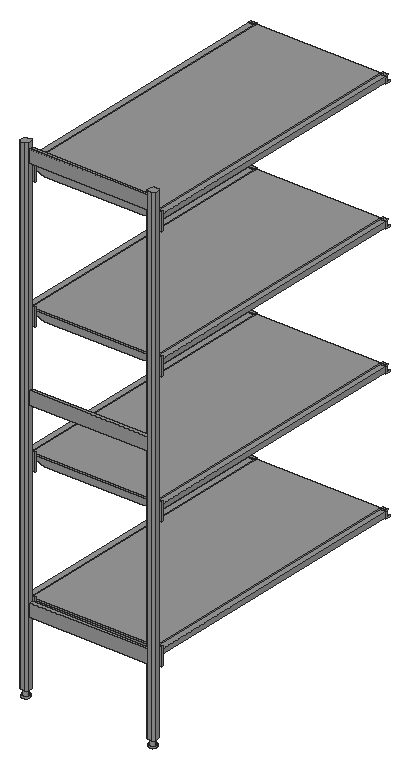
Revit family "QF_ZANUSSI_137073_CLS1006", category Attrezzature speciali, Revit 2020
Family settings
  Quota connettore circolare = Usa diametro
  Tipo di parte = Normale
  Basato su piano di lavoro = No
  Sempre verticale = Sì
  Taglio con vuoti quando caricato = No
  Condiviso = No
  Punto di calcolo locali = No
Parameters (values of type "Standard")
  Weight = 17.00 kg
  Watts = 0 W
  Volts = 0 V
  URL Manufacturer = "http://www.zanussiprofessional.com"
  URL = "http://www.zanussiprofessional.com"
  Steam Supply Size = 0 mm
  Steam Supply Minimum Pressure = 0.0 Pa
  Steam Supply Maximum Pressure = 0.0 Pa
  Steam Consumption per Hour = 0
  Refrigeration Suction Line Size = 0.0 mm
  Refrigeration Liquid Line Size = 0.0 mm
  Refrigerant Compressor Remote = yes
  Prospetto di default = 0.0 mm
  Phase = 0
  Modello = "CLS1006"
  Produttore = "Zanussi"
  Length Actual = 1010.0 mm  # constant formula
  Item Number = "137073"
  Hot Water Size = 0 mm
  Height Actual = 1700.0 mm  # constant formula
  HP = "0 HP"
  Gas Size = 0 mm
  Gas KW = 0
  Gas Input Pressure = 0 W
  Direct Waste Size = 0 mm
  Descrizione = "ALUM.CORNER SHELV.-POLY.TIERS-475X1010MM"
  Depth Actual = 475.0 mm  # constant formula
  Cycle = 0 Hz
  Condensate Return Size = 0 mm
  Compressed Air Volume = 0.0 L/s
  Compressed Air Size = 0 mm
  Compressed Air Pressure = 0.0 Pa
  Cold Water Size = 0 mm
  Accessory = yes
Reference planes
  plane 1: z = 0
  plane 2 "Center (F/B)": y = -163.5
  plane 3 "Front": y = -549.5
  plane 4 "Left": x = -217.5
  plane 5 "Right": x = 257.5
  plane 6 "TOP": z = 1700
  plane 7: y = -517.5
  plane 8: y = 456.5
  plane 9 "Center (Left/Right)": x = 20
  plane 10: y = 451.5
  plane 11: x = -186
  plane 12: x = 226
  plane 13 "FEET": z = 25
  plane 14: z = 275
  plane 15: z = 725
  plane 16: z = 1175
  plane 17: z = 1625
  plane 18 "CXLeft": y = -535.5
  plane 19: x = -200
  plane 20 "CYBack": x = -200
  plane 21 "CYFront": x = 138
  plane 22 "Back": y = 460.5
  plane 23 "LEFT_ORIGIN": x = -251.5
  plane 24 "BACK_Origin": y = 935.5
Forms (mm)
  Extrusion 1, solid, material "QF_Aluminum"
    sketch origin (0, -549.5, 0) x (-1, 0, 0) y (0, 0, 1)
      loop
        line (198.5, 1650.994) -> (198.5, 1632.998) -> (217.5, 1632.998) -> (217.5, 1650.994) -> (198.5, 1650.994)
      loop
        line (-238.5, 1650.994) -> (-257.5, 1650.994) -> (-257.5, 1632.998) -> (-238.5, 1632.998) -> (-238.5, 1650.994)
      loop
        line (198.5, 1200.994) -> (198.5, 1182.998) -> (217.5, 1182.998) -> (217.5, 1200.994) -> (198.5, 1200.994)
      loop
        line (-238.522, 1200.994) -> (-257.5, 1200.994) -> (-257.5, 1182.998) -> (-238.522, 1182.998) -> (-238.522, 1200.994)
      loop
        line (198.5, 750.994) -> (198.5, 732.998) -> (217.5, 732.998) -> (217.5, 750.994) -> (198.5, 750.994)
      loop
        line (-238.522, 750.994) -> (-257.5, 750.994) -> (-257.5, 732.998) -> (-238.522, 732.998) -> (-238.522, 750.994)
      loop
        line (198.5, 300.994) -> (198.5, 282.998) -> (217.5, 282.998) -> (217.5, 300.994) -> (198.5, 300.994)
      loop
        line (-238.522, 300.994) -> (-257.5, 300.994) -> (-257.5, 282.998) -> (-238.522, 282.998) -> (-238.522, 300.994)
    from 32 to 1006
  Extrusion 2, solid, material "QF_Polyethylene"
    sketch origin (0, -549.5, 0) x (-1, 0, 0) y (0, 0, 1)
      loop
        line (196.507, 1650.994) -> (-236.522, 1650.994) -> (-236.522, 1644.496) -> (196.507, 1644.496) -> (196.507, 1650.994)
      loop
        line (196.507, 1200.994) -> (-236.522, 1200.994) -> (-236.522, 1194.496) -> (196.507, 1194.496) -> (196.507, 1200.994)
      loop
        line (196.507, 750.994) -> (-236.522, 750.994) -> (-236.522, 744.496) -> (196.507, 744.496) -> (196.507, 750.994)
      loop
        line (196.507, 300.994) -> (-236.522, 300.994) -> (-236.522, 294.496) -> (196.507, 294.496) -> (196.507, 300.994)
    from 32 to 1006
Lines and regions (mm)
  symbolic lines
    curve 1: line (-198.5, 456.5, 1700) -> (-198.5, -517.5, 1700)
    curve 2: line (-217.5, -521.5, 1700) -> (-217.5, 456.5, 1700)
    curve 3: line (257.5, -521.5, 1700) -> (257.5, 456.5, 1700)
    curve 4: line (-181.507, -517.5, 1700) -> (221.507, -517.5, 1700)
    curve 5: line (238.522, -517.5, 1700) -> (238.522, 456.5, 1700)
    curve 6: line (-198.5, 456.5, 1700) -> (238.522, 456.5, 1700)
Dimensions and locks
  plane 3 "Front" to plane 2 "Center (F/B)" = 386.0 mm
  locked: plane 6 "TOP" to level at 1700
  locked: plane 4 "Left" to plane 5 "Right" at 475
  locked: plane 7 to plane 8 at 974
  locked: plane 3 "Front" to plane 7 at 32
  plane 10 to plane 8 = 5.0 mm
  locked: plane 11 to plane 12 at 412
  equal spacing: plane 11, plane 9 "Center (Left/Right)", plane 12
  equal spacing: plane 4 "Left", plane 9 "Center (Left/Right)", plane 5 "Right"
  plane 13 "FEET" to level = 25.0 mm
  plane 6 "TOP" to plane 13 "FEET" = 1675.0 mm
  plane 14 to plane 13 "FEET" = 250.0 mm
  plane 15 to plane 14 = 450.0 mm
  plane 16 to plane 15 = 450.0 mm
  plane 17 to plane 16 = 450.0 mm
  locked: plane 3 "Front" to plane 18 "CXLeft" at 14
  locked: plane 3 "Front" to plane 22 "Back" at 1010
  plane 23 "LEFT_ORIGIN" to plane 5 "Right" = 509.0 mm
  locked: plane 22 "Back" to plane 24 "BACK_Origin" at 475
  aligned and locked: level to plane 1
  aligned and locked: Extrusion 2 to plane 7
  aligned and locked: plane 8 to Extrusion 2
  aligned and locked: Extrusion 1 to plane 7
  aligned and locked: plane 8 to Extrusion 1
  aligned and locked: Extrusion 1 sketch curve to Extrusion 1 sketch curve  (x2)
  aligned and locked: plane 18 "CXLeft" to nested 1
  aligned and locked: nested 2 to plane 10
Automatic sketch dimensions
  curve 2 to plane 4 "Left" = 0.0 mm
  curve 3 to plane 5 "Right" = 0.0 mm
  plane 7 to curve 1 = 0.0 mm
  plane 7 to curve 4 = 0.0 mm
  plane 7 to curve 5 = 0.0 mm
  plane 8 to curve 2 = 0.0 mm
  plane 8 to curve 1 = 0.0 mm
  plane 8 to curve 3 = 0.0 mm
  curve 5 to plane 21 "CYFront" = 100.522 mm
  plane 19 to curve 6 = 1.5 mm
  plane 7 to curve 3 = 4.0 mm
  plane 7 to curve 2 = 4.0 mm
  plane 12 to curve 4 = 4.493 mm
  curve 4 to plane 11 = 4.493 mm
  plane 5 "Right" to Extrusion 1 sketch curve = 0.0 mm  (x4)
  plane 4 "Left" to Extrusion 1 sketch curve = 0.0 mm  (x4)
  Extrusion 1 sketch curve to plane 21 "CYFront" = 100.522 mm
  Extrusion 1 sketch curve to plane 21 "CYFront" = 100.5 mm
  plane 19 to Extrusion 1 sketch curve = 1.5 mm  (x4)
  plane 14 to Extrusion 1 sketch curve = 7.998 mm  (x2)
  Extrusion 1 sketch curve to Extrusion 1 sketch curve = 17.997 mm  (x8)
  plane 15 to Extrusion 1 sketch curve = 7.998 mm  (x2)
  plane 16 to Extrusion 1 sketch curve = 7.998 mm  (x2)
  plane 17 to Extrusion 1 sketch curve = 7.998 mm  (x2)
  Extrusion 2 sketch curve to plane 21 "CYFront" = 98.522 mm  (x4)
  plane 19 to Extrusion 2 sketch curve = 3.493 mm  (x4)
  plane 14 to Extrusion 2 sketch curve = 19.496 mm
  Extrusion 2 sketch curve to Extrusion 2 sketch curve = 6.499 mm  (x4)
  plane 15 to Extrusion 2 sketch curve = 19.496 mm
  plane 16 to Extrusion 2 sketch curve = 19.496 mm
  plane 17 to Extrusion 2 sketch curve = 19.496 mm
Nested families
  nested 1: "WT_Anta475" at (-194.5, -132.5, 0) x (0, 1, 0) z (0, 0, 1), type "WT_Anta475"
  nested 2: "WT_Aggancio475" at (-194.5, 868.5, 0) x (0, 1, 0) z (0, 0, 1), type "WT_Aggancio475"
Definition of nested family "WT_Anta475"
  Parameters
    WidthLeft = A + 64.0 mm  # 772.0 mm
    Width = 1606.0 mm
    Right = WidthLeft / 2  # 386.0 mm
    Default Elevation = 0.0 mm
    Left = -WidthLeft / 2  # -386.0 mm
    Height = 1725.0 mm
    FEET = 25.0 mm
    E = 0.0 mm
    Dint = Depth - 63.0 mm  # 412.0 mm
    Dext = Depth - 8.0 mm  # 467.0 mm
    Depth = 475.0 mm
    DX = (WidthLeft - A) / 2  # 32.0 mm
    B = 798.0 mm
    A = 708.0 mm
  Reference planes
    plane 1: z = 0
    plane 2 "LEFT": x = -417
    plane 3 "BACK": y = 23
    plane 4 "FRONT": y = -452
    plane 5 "TOP": z = 1725
    plane 6 "Center (Front/Back)": y = -214.5
    plane 7: y = -8.5
    plane 8: y = -420.5
    plane 9 "FEET": z = 25
    plane 10: z = 275
    plane 11: z = 725
    plane 12: z = 1175
    plane 13: z = 1625
    plane 14 "CXLeft": x = -403
    plane 15: y = 5.5
    plane 16 "CYBack": y = 5.5
    plane 17 "CYFront": y = -434.5
    plane 18: x = -385.031
    plane 19: x = -380.031
  Forms (mm)
    Extrusion 1, solid
      sketch origin (0, 0, 0) x (1, 0, 0) y (0, 1, 0)
        loop
          line (-417, 13.246) -> (-417, -2.246) -> (-410.746, -8.5) -> (-395.254, -8.5) -> (-389, -2.246) -> (-389, 13.246) -> (-395.254, 19.5) -> (-410.746, 19.5) -> (-417, 13.246)
      from 1725 to 25
    Extrusion 2, solid
      sketch origin (-417, 0, 0) x (0, 1, 0) y (0, 0, 1)
        loop
          line (23, 246.005) -> (23, 307.993) -> (-12.993, 307.993) -> (-12.993, 246.005) -> (23, 246.005)
        loop
          line (-452, 246.005) -> (-416.007, 246.005) -> (-416.007, 307.993) -> (-452, 307.993) -> (-452, 246.005)
        loop
          line (23, 696.005) -> (23, 757.993) -> (-12.993, 757.993) -> (-12.993, 696.005) -> (23, 696.005)
        loop
          line (-452, 696.005) -> (-416.007, 696.005) -> (-416.007, 757.993) -> (-452, 757.993) -> (-452, 696.005)
        loop
          line (23, 1146.005) -> (23, 1207.993) -> (-12.993, 1207.993) -> (-12.993, 1146.005) -> (23, 1146.005)
        loop
          line (-452, 1146.005) -> (-416.007, 1146.005) -> (-416.007, 1207.993) -> (-452, 1207.993) -> (-452, 1146.005)
        loop
          line (23, 1596.005) -> (23, 1657.993) -> (-12.993, 1657.993) -> (-12.993, 1596.005) -> (23, 1596.005)
        loop
          line (-452, 1596.005) -> (-416.007, 1596.005) -> (-416.007, 1657.993) -> (-452, 1657.993) -> (-452, 1596.005)
      from 28 to 32
    Revolve 3, solid
      sketch origin (-403, 0, 0) x (0, 1, 0) y (0, 0, 1)
        loop
          line (5.5, 25) -> (5.5, 0) -> (19, 0) -> (19, 5) -> (14, 5) -> (14, 25) -> (5.5, 25)
        axis (5.5, 25) -> (5.5, 0)
      angle from 0 to 360
    Extrusion 4, solid
      sketch origin (-403, 0, 0) x (0, 1, 0) y (0, 0, 1)
        loop
          line (-8.5, 912.382) -> (-8.5, 957.374) -> (-420.5, 957.374) -> (-420.5, 912.382) -> (-8.5, 912.382)
        loop
          line (-8.5, 1662.244) -> (-8.5, 1707.236) -> (-420.5, 1707.236) -> (-420.5, 1662.244) -> (-8.5, 1662.244)
      from -5 to 5
    Revolve 5, solid
      sketch origin (-403, -627, 0) x (0, -1, 0) y (0, 0, 1)
        loop
          line (-192.5, 25) -> (-192.5, 0) -> (-179, 0) -> (-179, 5) -> (-184, 5) -> (-184, 25) -> (-192.5, 25)
        axis (-192.5, 25) -> (-192.5, 0)
      angle from 0 to 360
    Extrusion 6, solid
      sketch origin (0, -627, 0) x (1, 0, 0) y (0, 1, 0)
        loop
          line (-417, 184.754) -> (-410.746, 178.5) -> (-395.254, 178.5) -> (-389, 184.754) -> (-389, 200.246) -> (-395.254, 206.5) -> (-410.746, 206.5) -> (-417, 200.246) -> (-417, 184.754)
      from 1725 to 25
    Extrusion 7, solid
      sketch origin (-417.031, -0.022, 0) x (0, 1, 0) y (0, 0, -1)
        loop
          line (-12, -1632.998) -> (-46, -1620.994) -> (-383, -1620.994) -> (-417, -1632.998) -> (-433, -1632.998) -> (-433, -1650.994) -> (-431, -1650.994) -> (-431, -1644.496) -> (2.007, -1644.496) -> (2.007, -1650.994) -> (4, -1650.994) -> (4, -1632.998) -> (-12, -1632.998)
        loop
          line (-12, -1182.998) -> (-46, -1170.994) -> (-383, -1170.994) -> (-417, -1182.998) -> (-433, -1182.998) -> (-433, -1200.994) -> (-431, -1200.994) -> (-431, -1194.496) -> (2.007, -1194.496) -> (2.007, -1200.994) -> (4, -1200.994) -> (4, -1182.998) -> (-12, -1182.998)
        loop
          line (-12, -732.998) -> (-46, -720.994) -> (-383, -720.994) -> (-417, -732.998) -> (-433, -732.998) -> (-433, -750.994) -> (-431, -750.994) -> (-431, -744.496) -> (2.007, -744.496) -> (2.007, -750.994) -> (4, -750.994) -> (4, -732.998) -> (-12, -732.998)
        loop
          line (-12, -282.998) -> (-46, -270.994) -> (-383, -270.994) -> (-417, -282.998) -> (-433, -282.998) -> (-433, -300.994) -> (-431, -300.994) -> (-431, -294.496) -> (2.007, -294.496) -> (2.007, -300.994) -> (4, -300.994) -> (4, -282.998) -> (-12, -282.998)
      from -32 to -37
    Extrusion 8, solid
      sketch origin (-403, 0, -659.878) x (0, 1, 0) y (0, 0, 1)
        loop
          line (-8.5, 912.382) -> (-8.5, 957.374) -> (-420.5, 957.374) -> (-420.5, 912.382) -> (-8.5, 912.382)
        loop
          line (-8.5, 1572.382) -> (-8.5, 1617.374) -> (-420.5, 1617.374) -> (-420.5, 1572.382) -> (-8.5, 1572.382)
        loop
          line (-8.5, 2322.382) -> (-8.5, 2367.374) -> (-420.5, 2367.374) -> (-420.5, 2322.382) -> (-8.5, 2322.382)
      from -5 to 5
  Lines and regions (mm)
    symbolic lines
      curve 1: line (-408, -8.5, 1725) -> (-408, -420.5, 1725)
      curve 2: line (-398, -420.5, 1725) -> (-398, -8.5, 1725)
      curve 3: line (-395.254, -8.5, 1725) -> (-410.746, -8.5, 1725)
      curve 4: line (-417, -2.246, 1725) -> (-410.746, -8.5, 1725)
      curve 5: line (-417, 13.246, 1725) -> (-417, -2.246, 1725)
      curve 6: line (-410.746, 19.5, 1725) -> (-417, 13.246, 1725)
      curve 7: line (-395.254, 19.5, 1725) -> (-410.746, 19.5, 1725)
      curve 8: line (-389, 13.246, 1725) -> (-395.254, 19.5, 1725)
      curve 9: line (-395.254, -8.5, 1725) -> (-389, -2.246, 1725)
      curve 10: line (-395.254, -420.5, 1725) -> (-410.746, -420.5, 1725)
      curve 11: line (-417, -426.754, 1725) -> (-410.746, -420.5, 1725)
      curve 12: line (-410.746, -448.5, 1725) -> (-417, -442.246, 1725)
      curve 13: line (-395.254, -448.5, 1725) -> (-410.746, -448.5, 1725)
      curve 14: line (-389, -442.246, 1725) -> (-395.254, -448.5, 1725)
      curve 15: line (-395.254, -420.5, 1725) -> (-389, -426.754, 1725)
      curve 16: line (-389, -452, 1725) -> (-389, -416.007, 1725)
      curve 17: line (-389, -416.007, 1725) -> (-385, -416.007, 1725)
      curve 18: line (-389, 23, 1725) -> (-389, -12.993, 1725)
      curve 19: line (-389, -12.993, 1725) -> (-385, -12.993, 1725)
      curve 20: line (-417, -426.754, 1725) -> (-417, -442.246, 1725)
      curve 21: line (-385, -452, 1725) -> (-385, -416.007, 1725)
      curve 22: line (-385, -452, 1725) -> (-389, -452, 1725)
      curve 23: line (-385, 23, 1725) -> (-389, 23, 1725)
      curve 24: line (-385, -12.993, 1725) -> (-385, 23, 1725)
      curve 25: line (-385.031, -13.016, 1725) -> (-385.031, -416.029, 1725)
  Dimensions and locks
    "Height": plane 5 "TOP" to level
    "Depth": plane 3 "BACK" to plane 4 "FRONT"
    "Dint": plane 7 to plane 8
    equal spacing: plane 7, plane 6 "Center (Front/Back)", plane 8
    equal spacing: plane 3 "BACK", plane 6 "Center (Front/Back)", plane 4 "FRONT"
    plane 9 "FEET" to level = 25.0 mm
    plane 5 "TOP" to plane 9 "FEET" = 1700.0 mm
    plane 10 to plane 9 "FEET" = 250.0 mm
    plane 11 to plane 10 = 450.0 mm
    plane 12 to plane 11 = 450.0 mm
    plane 13 to plane 12 = 450.0 mm
    locked: plane 2 "LEFT" to plane 14 "CXLeft" at 14
    locked: plane 3 "BACK" to plane 16 "CYBack" at 17.5
    locked: plane 17 "CYFront" to plane 4 "FRONT" at 17.5
    locked: Revolve 3 sketch curve to Revolve 3 sketch curve at 8.5
    locked: Revolve 3 sketch curve to plane 16 "CYBack" at 13.5
    locked: Revolve 5 sketch curve to Revolve 5 sketch curve at 8.5
    aligned and locked: level to plane 1
    aligned and locked: curve 20 to Extrusion 6
    aligned and locked: plane 5 "TOP" to Extrusion 1
    aligned and locked: plane 5 "TOP" to Extrusion 6
    aligned and locked: Extrusion 7 sketch curve to Extrusion 7 sketch curve  (x3)
  Automatic sketch dimensions
    curve 16 to plane 4 "FRONT" = 0.0 mm
    curve 11 to plane 8 = 0.0 mm
    curve 9 to plane 7 = 0.0 mm
    curve 5 to plane 2 "LEFT" = 0.0 mm
    curve 23 to plane 3 "BACK" = 0.0 mm
    plane 4 "FRONT" to curve 13 = 3.5 mm
    curve 20 to plane 17 "CYFront" = 7.746 mm
    curve 20 to plane 8 = 6.254 mm
    plane 8 to curve 16 = 4.493 mm
    curve 24 to plane 18 = 0.031 mm
    curve 24 to plane 7 = 4.493 mm
    plane 7 to curve 5 = 6.254 mm
    curve 5 to plane 15 = 7.746 mm
    curve 6 to plane 3 "BACK" = 3.5 mm
    curve 21 to plane 18 = 0.031 mm
    plane 18 to curve 23 = 3.969 mm
    plane 18 to curve 16 = 3.969 mm
    curve 18 to curve 8 = 6.254 mm
    curve 18 to curve 3 = 6.254 mm
    curve 16 to curve 13 = 6.254 mm
    curve 16 to curve 15 = 6.254 mm
    plane 2 "LEFT" to curve 10 = 6.254 mm
    plane 2 "LEFT" to curve 7 = 6.254 mm
    plane 2 "LEFT" to curve 12 = 6.254 mm
    plane 2 "LEFT" to curve 3 = 6.254 mm
    curve 14 to plane 17 "CYFront" = 7.746 mm
    curve 15 to plane 8 = 6.254 mm
    plane 7 to curve 9 = 6.254 mm
    curve 8 to plane 15 = 7.746 mm
    curve 3 to curve 2 = 2.746 mm
    curve 1 to curve 10 = 2.746 mm
    Extrusion 1 sketch curve to plane 2 "LEFT" = 0.0 mm
    Extrusion 1 sketch curve to plane 7 = 0.0 mm
    plane 2 "LEFT" to Extrusion 1 sketch curve = 6.254 mm  (x2)
    plane 14 "CXLeft" to Extrusion 1 sketch curve = 7.746 mm  (x2)
    Extrusion 1 sketch curve to plane 3 "BACK" = 3.5 mm
    plane 18 to Extrusion 1 sketch curve = 3.969 mm
    plane 7 to Extrusion 1 sketch curve = 6.254 mm  (x2)
    Extrusion 1 sketch curve to plane 15 = 7.746 mm  (x2)
    Extrusion 2 sketch curve to plane 4 "FRONT" = 0.0 mm  (x4)
    Extrusion 2 sketch curve to plane 3 "BACK" = 0.0 mm  (x4)
    plane 8 to Extrusion 2 sketch curve = 4.493 mm  (x4)
    Extrusion 2 sketch curve to plane 7 = 4.493 mm  (x4)
    Extrusion 2 sketch curve to plane 10 = 28.995 mm  (x2)
    plane 10 to Extrusion 2 sketch curve = 32.993 mm  (x2)
    Extrusion 2 sketch curve to plane 11 = 28.995 mm  (x2)
    plane 11 to Extrusion 2 sketch curve = 32.993 mm  (x2)
    Extrusion 2 sketch curve to plane 12 = 28.995 mm  (x2)
    plane 12 to Extrusion 2 sketch curve = 32.993 mm  (x2)
    Extrusion 2 sketch curve to plane 13 = 28.995 mm  (x2)
    plane 13 to Extrusion 2 sketch curve = 32.993 mm  (x2)
    Revolve 3 sketch curve to plane 9 "FEET" = 0.0 mm  (x2)
    Revolve 3 sketch curve to plane 15 = 0.0 mm  (x2)
    Revolve 3 sketch curve to level = 0.0 mm
    level to Revolve 3 sketch curve = 5.0 mm
    Revolve 3 sketch curve to Revolve 3 sketch curve = 11.655 mm
    Extrusion 4 sketch curve to plane 8 = 0.0 mm  (x2)
    Extrusion 4 sketch curve to plane 7 = 0.0 mm  (x2)
    plane 11 to Extrusion 4 sketch curve = 187.382 mm
    Extrusion 4 sketch curve to Extrusion 4 sketch curve = 44.992 mm
    plane 13 to Extrusion 4 sketch curve = 37.244 mm
    Extrusion 4 sketch curve to plane 5 "TOP" = 17.764 mm
    Revolve 5 sketch curve to plane 9 "FEET" = 0.0 mm  (x2)
    Revolve 5 sketch curve to plane 17 "CYFront" = 0.0 mm  (x2)
    Revolve 5 sketch curve to level = 0.0 mm
    Revolve 5 sketch curve to plane 4 "FRONT" = 4.0 mm
    Revolve 5 sketch curve to Revolve 5 sketch curve = 5.0 mm
    level to Revolve 5 sketch curve = 11.655 mm
    Extrusion 6 sketch curve to plane 2 "LEFT" = 0.0 mm
    Extrusion 6 sketch curve to plane 8 = 0.0 mm
    Extrusion 6 sketch curve to plane 2 "LEFT" = 6.254 mm  (x2)
    Extrusion 6 sketch curve to plane 14 "CXLeft" = 7.746 mm  (x2)
    Extrusion 6 sketch curve to plane 4 "FRONT" = 3.5 mm
    Extrusion 6 sketch curve to plane 18 = 3.969 mm
    plane 8 to Extrusion 6 sketch curve = 6.254 mm  (x2)
    plane 17 "CYFront" to Extrusion 6 sketch curve = 7.746 mm  (x2)
    plane 17 "CYFront" to Extrusion 7 sketch curve = 1.478 mm  (x4)
    Extrusion 7 sketch curve to Extrusion 7 sketch curve = 2.0 mm
    plane 8 to Extrusion 7 sketch curve = 3.478 mm  (x4)
    Extrusion 7 sketch curve to plane 10 = 4.006 mm
    Extrusion 7 sketch curve to Extrusion 7 sketch curve = 34.0 mm  (x4)
    Extrusion 7 sketch curve to plane 11 = 4.006 mm
    Extrusion 7 sketch curve to plane 12 = 4.006 mm
    Extrusion 7 sketch curve to plane 13 = 4.006 mm
    Extrusion 7 sketch curve to plane 7 = 37.522 mm  (x4)
    Extrusion 7 sketch curve to plane 7 = 3.522 mm  (x4)
    plane 15 to Extrusion 7 sketch curve = 3.516 mm  (x4)
    plane 15 to Extrusion 7 sketch curve = 1.522 mm  (x4)
    plane 13 to Extrusion 7 sketch curve = 7.998 mm  (x2)
    Extrusion 7 sketch curve to Extrusion 7 sketch curve = 11.498 mm
    Extrusion 7 sketch curve to Extrusion 7 sketch curve = 6.499 mm  (x5)
    plane 12 to Extrusion 7 sketch curve = 25.994 mm  (x2)
    plane 12 to Extrusion 7 sketch curve = 7.998 mm  (x2)
    plane 11 to Extrusion 7 sketch curve = 25.994 mm  (x2)
    plane 11 to Extrusion 7 sketch curve = 7.998 mm  (x2)
    plane 10 to Extrusion 7 sketch curve = 25.994 mm  (x2)
    plane 10 to Extrusion 7 sketch curve = 7.998 mm  (x2)
    curve 25 to plane 18 = 0.0 mm
    plane 8 to curve 25 = 4.471 mm
    curve 25 to plane 7 = 4.516 mm
    Extrusion 8 sketch curve to plane 8 = 0.0 mm  (x3)
    Extrusion 8 sketch curve to plane 7 = 0.0 mm  (x3)
    Extrusion 8 sketch curve to plane 10 = 22.496 mm
    plane 10 to Extrusion 8 sketch curve = 22.496 mm
    plane 11 to Extrusion 8 sketch curve = 187.504 mm
    Extrusion 8 sketch curve to Extrusion 8 sketch curve = 44.992 mm
    plane 13 to Extrusion 8 sketch curve = 37.504 mm
    Extrusion 8 sketch curve to plane 5 "TOP" = 17.504 mm
Definition of nested family "WT_Aggancio475"
  Parameters
    WidthLeft = A + 64.0 mm  # 772.0 mm
    Width = 1606.0 mm
    Right = WidthLeft / 2  # 386.0 mm
    Default Elevation = 0.0 mm
    Left = -WidthLeft / 2  # -386.0 mm
    Height = 1725.0 mm
    FEET = 25.0 mm
    E = 0.0 mm
    Dint = Depth - 63.0 mm  # 412.0 mm
    Dext = Depth - 8.0 mm  # 467.0 mm
    Depth = 475.0 mm
    DX = (WidthLeft - A) / 2  # 32.0 mm
    B = 798.0 mm
    A = 708.0 mm
  Reference planes
    plane 1: z = 0
    plane 2 "LEFT": x = -417
    plane 3 "BACK": y = 23
    plane 4 "FRONT": y = -452
    plane 5 "TOP": z = 1725
    plane 6 "Center (Front/Back)": y = -214.5
    plane 7: y = -8.5
    plane 8: y = -420.5
    plane 9 "FEET": z = 25
    plane 10: z = 275
    plane 11: z = 725
    plane 12: z = 1175
    plane 13: z = 1625
    plane 14: y = 5.5
    plane 15 "CYBack": y = 5.5
    plane 16 "CYFront": y = -434.5
  Forms (mm)
    Extrusion 1, solid
      sketch origin (-380, -0.022, 0) x (0, 1, 0) y (0, 0, 1)
        loop
          line (-12, 1632.998) -> (4, 1632.998) -> (4, 1650.994) -> (2.007, 1650.994) -> (2.007, 1644.496) -> (-431, 1644.496) -> (-431, 1650.994) -> (-433, 1650.994) -> (-433, 1632.998) -> (-417, 1632.998) -> (-383, 1620.994) -> (-46, 1620.994) -> (-12, 1632.998)
        loop
          line (-12, 1182.998) -> (4, 1182.998) -> (4, 1200.994) -> (2.007, 1200.994) -> (2.007, 1194.496) -> (-431, 1194.496) -> (-431, 1200.994) -> (-433, 1200.994) -> (-433, 1182.998) -> (-417, 1182.998) -> (-383, 1170.994) -> (-46, 1170.994) -> (-12, 1182.998)
        loop
          line (-12, 732.998) -> (4, 732.998) -> (4, 750.994) -> (2.007, 750.994) -> (2.007, 744.496) -> (-431, 744.496) -> (-431, 750.994) -> (-433, 750.994) -> (-433, 732.998) -> (-417, 732.998) -> (-383, 720.994) -> (-46, 720.994) -> (-12, 732.998)
        loop
          line (-12, 282.998) -> (4, 282.998) -> (4, 300.994) -> (2.007, 300.994) -> (2.007, 294.496) -> (-431, 294.496) -> (-431, 300.994) -> (-433, 300.994) -> (-433, 282.998) -> (-417, 282.998) -> (-383, 270.994) -> (-46, 270.994) -> (-12, 282.998)
      from -32 to -37
    Extrusion 2, solid
      sketch origin (-793.062, -324.754, 6.5) x (1, 0, 0) y (0, 0, 1)
        loop
          line (385.062, 1644.496) -> (385.062, 1647.496) -> (376.062, 1647.496) -> (376.062, 1620.994) -> (390.031, 1620.994) -> (390.031, 1626.496) -> (381.062, 1626.496) -> (381.062, 1644.496) -> (385.062, 1644.496)
        loop
          line (385.062, 1194.496) -> (385.062, 1197.496) -> (376.062, 1197.496) -> (376.062, 1170.994) -> (390.031, 1170.994) -> (390.031, 1176.496) -> (381.062, 1176.496) -> (381.062, 1194.496) -> (385.062, 1194.496)
        loop
          line (385.062, 744.496) -> (385.062, 747.496) -> (376.062, 747.496) -> (376.062, 720.994) -> (390.031, 720.994) -> (390.031, 726.496) -> (381.062, 726.496) -> (381.062, 744.496) -> (385.062, 744.496)
        loop
          line (385.062, 294.496) -> (385.062, 297.496) -> (376.062, 297.496) -> (376.062, 270.994) -> (390.031, 270.994) -> (390.031, 276.496) -> (381.062, 276.496) -> (381.062, 294.496) -> (385.062, 294.496)
      from 108.268 to 127.246
    Extrusion 3, solid
      sketch origin (-793.062, 32.754, 6.5) x (1, 0, 0) y (0, 0, 1)
        loop
          line (385.062, 1644.496) -> (385.062, 1647.496) -> (376.062, 1647.496) -> (376.062, 1620.994) -> (390.031, 1620.994) -> (390.031, 1626.496) -> (381.062, 1626.496) -> (381.062, 1644.496) -> (385.062, 1644.496)
        loop
          line (385.062, 1194.496) -> (385.062, 1197.496) -> (376.062, 1197.496) -> (376.062, 1170.994) -> (390.031, 1170.994) -> (390.031, 1176.496) -> (381.062, 1176.496) -> (381.062, 1194.496) -> (385.062, 1194.496)
        loop
          line (385.062, 744.496) -> (385.062, 747.496) -> (376.062, 747.496) -> (376.062, 720.994) -> (390.031, 720.994) -> (390.031, 726.496) -> (381.062, 726.496) -> (381.062, 744.496) -> (385.062, 744.496)
        loop
          line (385.062, 294.496) -> (385.062, 297.496) -> (376.062, 297.496) -> (376.062, 270.994) -> (390.031, 270.994) -> (390.031, 276.496) -> (381.062, 276.496) -> (381.062, 294.496) -> (385.062, 294.496)
      from 9.754 to 28.776
  Lines and regions (mm)
    symbolic lines
      curve 1: line (-412, -452, 0) -> (-408, -452, 0)
      curve 2: line (-412, -433.022, 0) -> (-412, -452, 0)
      curve 3: line (-408, -433.022, 0) -> (-412, -433.022, 0)
      curve 4: line (-408, -452, 0) -> (-408, -433.022, 0)
      curve 5: line (-412, 3.978, 0) -> (-408, 3.978, 0)
      curve 6: line (-412, 23, 0) -> (-412, 3.978, 0)
      curve 7: line (-408, 23, 0) -> (-412, 23, 0)
      curve 8: line (-408, 3.978, 0) -> (-408, 23, 0)
  Dimensions and locks
    "Height": plane 5 "TOP" to level
    "Depth": plane 3 "BACK" to plane 4 "FRONT"
    "Dint": plane 7 to plane 8
    equal spacing: plane 7, plane 6 "Center (Front/Back)", plane 8
    equal spacing: plane 3 "BACK", plane 6 "Center (Front/Back)", plane 4 "FRONT"
    plane 9 "FEET" to level = 25.0 mm
    plane 5 "TOP" to plane 9 "FEET" = 1700.0 mm
    plane 10 to plane 9 "FEET" = 250.0 mm
    plane 11 to plane 10 = 450.0 mm
    plane 12 to plane 11 = 450.0 mm
    plane 13 to plane 12 = 450.0 mm
    locked: plane 3 "BACK" to plane 15 "CYBack" at 17.5
    locked: plane 16 "CYFront" to plane 4 "FRONT" at 17.5
    aligned and locked: level to plane 1
    aligned and locked: Extrusion 1 sketch curve to Extrusion 1 sketch curve  (x3)
  Automatic sketch dimensions
    plane 16 "CYFront" to Extrusion 1 sketch curve = 1.478 mm  (x4)
    Extrusion 1 sketch curve to Extrusion 1 sketch curve = 2.0 mm
    plane 8 to Extrusion 1 sketch curve = 3.478 mm  (x4)
    Extrusion 1 sketch curve to plane 10 = 4.006 mm
    Extrusion 1 sketch curve to Extrusion 1 sketch curve = 34.0 mm  (x4)
    Extrusion 1 sketch curve to plane 11 = 4.006 mm
    Extrusion 1 sketch curve to plane 12 = 4.006 mm
    Extrusion 1 sketch curve to plane 13 = 4.006 mm
    Extrusion 1 sketch curve to plane 7 = 37.522 mm  (x4)
    Extrusion 1 sketch curve to plane 7 = 3.522 mm  (x4)
    plane 14 to Extrusion 1 sketch curve = 3.516 mm  (x4)
    plane 14 to Extrusion 1 sketch curve = 1.522 mm  (x4)
    plane 10 to Extrusion 1 sketch curve = 7.998 mm  (x2)
    Extrusion 1 sketch curve to Extrusion 1 sketch curve = 11.498 mm  (x4)
    Extrusion 1 sketch curve to Extrusion 1 sketch curve = 6.499 mm  (x8)
    plane 11 to Extrusion 1 sketch curve = 7.998 mm  (x2)
    plane 12 to Extrusion 1 sketch curve = 7.998 mm  (x2)
    plane 13 to Extrusion 1 sketch curve = 7.998 mm  (x2)
    plane 2 "LEFT" to Extrusion 2 sketch curve = 0.0 mm  (x4)
    plane 13 to Extrusion 2 sketch curve = 7.996 mm
    plane 11 to Extrusion 2 sketch curve = 7.996 mm
    Extrusion 2 sketch curve to Extrusion 2 sketch curve = 5.0 mm  (x4)
    plane 11 to Extrusion 2 sketch curve = 2.494 mm
    plane 10 to Extrusion 2 sketch curve = 28.996 mm
    Extrusion 2 sketch curve to Extrusion 2 sketch curve = 3.0 mm  (x4)
    plane 10 to Extrusion 2 sketch curve = 7.996 mm
    plane 10 to Extrusion 2 sketch curve = 2.494 mm
    Extrusion 2 sketch curve to Extrusion 2 sketch curve = 18.0 mm  (x3)
    plane 12 to Extrusion 2 sketch curve = 2.494 mm
    plane 12 to Extrusion 2 sketch curve = 7.996 mm
    plane 13 to Extrusion 2 sketch curve = 2.494 mm
    plane 2 "LEFT" to Extrusion 3 sketch curve = 0.0 mm  (x4)
    plane 13 to Extrusion 3 sketch curve = 7.996 mm
    plane 11 to Extrusion 3 sketch curve = 7.996 mm
    Extrusion 3 sketch curve to Extrusion 3 sketch curve = 5.0 mm  (x4)
    plane 11 to Extrusion 3 sketch curve = 2.494 mm
    plane 10 to Extrusion 3 sketch curve = 28.996 mm
    Extrusion 3 sketch curve to Extrusion 3 sketch curve = 3.0 mm  (x4)
    plane 10 to Extrusion 3 sketch curve = 7.996 mm
    plane 10 to Extrusion 3 sketch curve = 2.494 mm
    Extrusion 3 sketch curve to Extrusion 3 sketch curve = 18.0 mm  (x3)
    plane 12 to Extrusion 3 sketch curve = 2.494 mm
    plane 12 to Extrusion 3 sketch curve = 7.996 mm
    plane 13 to Extrusion 3 sketch curve = 2.494 mm
    plane 2 "LEFT" to curve 1 = 5.0 mm
    plane 2 "LEFT" to curve 7 = 5.0 mm
    curve 1 to plane 16 "CYFront" = 17.5 mm
    curve 3 to plane 8 = 12.522 mm
    plane 7 to curve 5 = 12.478 mm
    curve 7 to plane 14 = 17.5 mm
    curve 5 to curve 5 = 4.0 mm
    curve 1 to curve 4 = 4.0 mm
    Extrusion 2 sketch curve to Extrusion 2 sketch curve = 4.0 mm  (x4)
    Extrusion 2 sketch curve to Extrusion 2 sketch curve = 8.969 mm  (x4)
    Extrusion 3 sketch curve to Extrusion 3 sketch curve = 4.0 mm  (x4)
    Extrusion 3 sketch curve to Extrusion 3 sketch curve = 8.969 mm  (x4)
